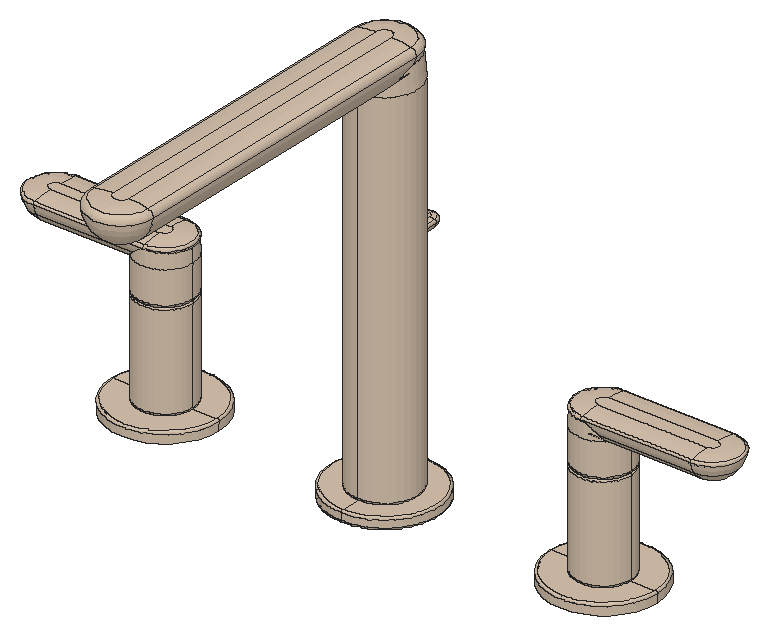
Revit family "Faucet-Deck_Mount-Bath-KALLISTA-002-P34120", category Plumbing Fixtures, host Face, Revit 2021
Family settings
  Host = Face
  Round Connector Dimension = Use Diameter
  Part Type = Normal
  OmniClass Number = 23.31.11.00
  OmniClass Title = Faucets
  Cut with Voids When Loaded = No
  Shared = No
  Room Calculation Point = No
Parameters (values of type "BAF-Brushed French Gold")
  Width [instance] = Faucet Hole Spacing  # 8"
  WaterSense Certified = 1 = 0  # no
  Waste Water Outlet = "Waste Water Outlet"  # constant formula
  Waste Connection = 1 = 0  # no
  Vent Connection = 1 = 0  # no
  URL = "https://www.kallista.com/"
  Type = 1
  Spout Reach = 5.35039"  # constant formula
  Product Page URL = ""
  Product Name = "002"  # constant formula
  Product Documentation Link = ""
  Pressure = 0.00 psi
  Model = if(Type = 1, "P34120-LV-BAF", if(Type = 2, "P34120-LV-BL", if(Type = 3, "P34120-LV-BN", if(Type = 4, "P34120-LV-CP", if(Type = 5, "P34120-LV-SN", "NA")))))  # "P34120-LV-BAF"
  Material = "Premium Metal Construction"  # constant formula
  Master Format 2014 Name = "Residential Faucets, Supplies, and Trim"  # constant formula
  Master Format 2014 = "22 41 39"  # constant formula
  Manufacturer Address = "444 Highland Dr, Kohler, WI 53044"  # constant formula
  Manufacturer = "Kallista Co."  # constant formula
  Length = Spout Reach  # 5.35039"
  Hot Water Inlet = "Hot Water Inlet"  # constant formula
  Height = 7.54528"  # constant formula
  Handle Clearance = 2.50394"  # constant formula
  HW Connection = 1 = 1  # yes
  Flow Rate = 1.2 GPM  # constant formula
  Finish = Kallista-Metal-BAF-Brushed_French_Gold
  Faucet Hole Spacing [instance] = 8"  # constant formula
  Environmental Product Declaration = ""
  Drain Included = 1 = 1  # yes
  Description = "Capsule Widespread Sink Faucet Tall"  # constant formula
  Default Elevation = 36"
  Declare Label = ""
  Date Modified = "11/29/2023"  # constant formula
  Date Created = "11/29/2023"  # constant formula
  Copyright = "Copyright Kallista Co."  # constant formula
  Contact Us = "https://www.kallista.com/corporate/contact-us/"
  Cold Water Inlet = "Cold Water Inlet"  # constant formula
  CW Connection = 1 = 1  # yes
  Assembly Code = "D2010"
  ADA Compliant = 1 = 0  # no
Types (6): name | Type | Model | Finish
  (no name) | 1 | "P34120-LV-BAF" | Kallista-Metal-BAF-Brushed_French_Gold
  BAF-Brushed French Gold | 1 | "P34120-LV-BAF" | Kallista-Metal-BAF-Brushed_French_Gold
  BN-Brushed Nickel | 3 | "P34120-LV-BN" | Kallista-Metal-BN-Brushed_Nickel
  BL-Matte Black | 2 | "P34120-LV-BL" | Kalista-Metal-BL-Matte_Black
  SN-Polished Nickel | 5 | "P34120-LV-SN" | Kallista-Metal-SN-Polished_Nickel
  CP-Chrome | 4 | "P34120-LV-CP" | Kallista-Metal-CP-Chrome
Reference planes (in)
  plane 1 "Center (Front/Back)": y = 0
  plane 2: z = 0
  plane 3 "Center (Left/Right)": x = 0
  plane 4: x = -4
  plane 5: x = 4
  plane 6: y = 0.98425
  plane 7: y = -0.98425
  plane 8: x = -6.50394
  plane 9: x = -3.01575
  plane 10: y = 0.50394
  plane 11: y = -0.50394
  plane 12: x = -0.98425
  plane 13: x = 0.98425
  plane 14: x = 0.60039
  plane 15: x = -0.60039
  plane 16: y = -6.59843
  plane 17: y = 1.13723
  plane 18: y = 0.60202
  plane 19: x = 3.01575
  plane 20: x = 6.50394
  plane 21: x = 4.98425
  plane 22: x = -4.98425
  plane 23: x = 4.50984
  plane 24: x = 3.49016
  plane 25: z = 2.94882
  plane 26: z = 2.43701
  plane 27: x = -3.49016
  plane 28: x = -4.50984
  plane 29: y = -5.35039
  plane 30: y = -0.60228
  plane 31: z = 4.17707
  plane 32: z = 7.54528
  plane 33: z = 6.87214
Dimensions and locks (in)
  "Width": plane 4 to plane 5
  equal spacing: plane 5, plane 3 "Center (Left/Right)", plane 4
  locked: plane 23 to plane 5 at 0.50984
  locked: plane 24 to plane 5 at 0.50984
  locked: plane 21 to plane 5 at 0.98425
  locked: plane 19 to plane 5 at 0.98425
  locked: plane 4 to plane 9 at 0.98425
  locked: plane 4 to plane 22 at 0.98425
  locked: plane 4 to plane 27 at 0.50984
  locked: plane 4 to plane 28 at 0.50984
  "Length": plane 1 "Center (Front/Back)" to plane 29
  "Handle Clearance": plane 8 to plane 4
  "Handle Clearance": plane 20 to plane 5
  plane 19 to plane 21 = 1.9685"
  plane 9 to plane 22 = 1.9685"
  plane 10 to plane 11 = 1.00787"
  plane 17 to plane 16 = 7.73566"
  plane 25 to plane 2 = 2.94882"
  plane 25 to plane 26 = 0.51181"
  plane 15 to plane 14 = 1.20079"
  plane 11 to plane 10 = 1.00787"  (x2)
  plane 27 to plane 28 = 1.01969"
  plane 24 to plane 23 = 1.01969"
  plane 31 to plane 2 = 4.17707"
  "Height": plane 32 to level
  level to plane 33 = 6.87214"
  aligned and locked: plane 2 to host face
  aligned and locked: level to host face
  aligned and locked: plane 3 "Center (Left/Right)" to nested 1
  aligned and locked: plane 1 "Center (Front/Back)" to nested 1
  aligned and locked: nested 2 to plane 4
  aligned and locked: plane 1 "Center (Front/Back)" to nested 2
  aligned and locked: plane 5 to nested 3
  aligned and locked: nested 3 to plane 1 "Center (Front/Back)"
  aligned and locked: plane 25 to nested 2
  aligned and locked: plane 8 to nested 2
  aligned and locked: plane 27 to nested 2
  aligned and locked: plane 28 to nested 2
  aligned and locked: plane 26 to nested 2
  aligned and locked: plane 9 to nested 2
  aligned and locked: plane 22 to nested 2
  aligned and locked: plane 20 to nested 3
  aligned and locked: plane 25 to nested 3
  aligned and locked: nested 3 to plane 19
  aligned and locked: plane 24 to nested 3
  aligned and locked: plane 23 to nested 3
  aligned and locked: plane 21 to nested 3
  aligned and locked: plane 13 to nested 1
  aligned and locked: plane 12 to nested 1
  aligned and locked: plane 29 to nested 1
  aligned and locked: plane 17 to nested 1
  aligned and locked: plane 6 to nested 2
  aligned and locked: plane 7 to nested 2
  aligned and locked: plane 11 to nested 2
  aligned and locked: plane 10 to nested 2
  aligned and locked: plane 18 to nested 1
  aligned and locked: plane 30 to nested 1
  aligned and locked: plane 32 to nested 1
  aligned and locked: plane 31 to nested 1
Automatic sketch dimensions
  host sketch curve to host sketch curve = 96"  (x2)
Nested families (in)
  nested 1: "P34120_Faucet" at (0, 0, -0.00012), type "P34120_Faucet"
  nested 2: "P34120_Handle" at (-4, 0, 0), type "P34120_Handle"
  nested 3: "P34120_Handle" at (4, 0, 0) x (-1, 0, 0) z (0, 0, 1), type "P34120_Handle"
Connectors (in)
  piping at (-4, 0, 0), diameter 0.5, driven by "Flow Rate", driven by "HW Connection", driven by "Hot Water Inlet"
    settings: on nested 2, index 1, connector inside diameter 24", connector length 0", flow factor 0, pipe flow 1.2 GPM, pressure drop 0.00 psi, fitting loss kfactor 0, connector angle 0.00°, fixture units 0, engagement length 0", angle of deflection 0.00°, flow configuration 1, flow direction 1, fitting loss method 0, system type 19, joint type 0, gender type 0, connector reference index -1, connector utility 1, adjustable connector no, is connector primary yes, connector description "Hot Water Inlet"
  piping at (4, 0, 0), diameter 0.5, driven by "Flow Rate", driven by "CW Connection", driven by "Cold Water Inlet"
    settings: on nested 3, index 2, connector inside diameter 24", connector length 0", flow factor 0, pipe flow 1.2 GPM, pressure drop 0.00 psi, fitting loss kfactor 0, connector angle 0.00°, fixture units 0, engagement length 0", angle of deflection 0.00°, flow configuration 1, flow direction 1, fitting loss method 0, system type 20, joint type 0, gender type 0, connector reference index -1, connector utility 1, adjustable connector no, is connector primary no, connector description "Cold Water Inlet"
Definition of nested family "P34120_Faucet"
  Parameters
    Material = none
    Default Elevation = 0"
  Reference planes (in)
    plane 1 "Center (Front/Back)": y = 0
    plane 2: z = 0
    plane 3 "Center (Left/Right)": x = 0
    plane 4: x = -0.60039
    plane 5: x = 0.60039
    plane 6: x = -0.98425
    plane 7: x = 0.98425
    plane 8: y = -6.59843
    plane 9: y = -5.35039
    plane 10: z = 6.87225
    plane 11: z = 7.54539
    plane 12: y = 1.13723
    plane 13: y = 0.60202
    plane 14: y = 0.60202
    plane 15: y = -0.60228
    plane 16: z = 4.17718
    plane 17: z = 0
  Forms (in)
    Revolve 1, solid, material <- "Material", detail levels medium+fine
      sketch origin (0, 0, 0) x (0, 1, 0) y (0, 0, 1)
        loop
          line (0.00224, 0.00027) -> (0.00224, 7.32078) -> (-0.56316, 7.32078)
          arc (-0.56316, 7.32078) -> (-0.58928, 7.083) -> (-0.598, 6.84395) r 3.28046
          line (-0.598, 6.84395) -> (-0.598, 0.21036)
          arc (-0.598, 0.21036) -> (-0.59173, 0.19522) -> (-0.57659, 0.18895) r 0.02141
          line (-0.57659, 0.18895) -> (-0.94418, 0.18898)
          arc (-0.94418, 0.18898) -> (-0.96955, 0.17847) -> (-0.98006, 0.1531) r 0.03588
          line (-0.98006, 0.1531) -> (-0.98006, 0.01996)
          arc (-0.98006, 0.01996) -> (-0.9743, 0.00604) -> (-0.96038, 0.00027) r 0.01969
          line (-0.96038, 0.00027) -> (0.00224, 0.00027)
        axis (0.00224, 0.00027) -> (0.00224, 7.32078)
      angle from 0 to 360
    Sweep 2, solid, material <- "Material", detail levels medium+fine
      path origin (0, 0, 2.99582) x (1, 0, 0) y (0, 1, 0)
        loop
          line (-0.60024, 0.00203) -> (-0.60024, -6.00096)
          arc (-0.60024, -6.00096) -> (0, -6.6012) -> (0.60024, -6.00096) r 0.60024
          line (0.60024, -6.00096) -> (0.60024, 0.00203)
          arc (0.60024, 0.00203) -> (0, 0.60227) -> (-0.60024, 0.00203) r 0.60024
      profile origin (-0.60024, -2.99946, 2.99582) x (1, 0, 0) y (0, 0, 1)
        loop
          arc (0.46416, 4.54078) -> (0.28796, 4.53071) -> (0.11406, 4.5006) r 1.5454
          arc (0.11406, 4.5006) -> (0.04325, 4.45334) -> (0.02119, 4.37111) r 0.12082
          arc (0.02119, 4.37111) -> (0.15203, 4.05253) -> (0.43672, 3.85871) r 0.5988
          arc (0.43672, 3.85871) -> (0.46399, 3.85233) -> (0.49193, 3.85019) r 0.18325
          line (0.49193, 3.85019) -> (0.53955, 3.85019) -> (0.53955, 4.54078) -> (0.46416, 4.54078)
    Extrusion 3, solid, material <- "Material", detail levels medium+fine
      sketch origin (0, 0, 0) x (1, 0, 0) y (0, 1, 0)
        loop
          line (-0.06069, 0.00203) -> (-0.06069, -6.00096)
          arc (-0.06069, -6.00096) -> (0, -6.06165) -> (0.06069, -6.00096) r 0.06069
          line (0.06069, -6.00096) -> (0.06069, 0.00203)
          arc (0.06069, 0.00203) -> (0, 0.06272) -> (-0.06069, 0.00203) r 0.06069
      from 6.84601 to 7.5366
    Extrusion 4, void
      sketch origin (0, 0, 2.99377) x (1, 0, 0) y (0, 0, 1)
        loop
          arc (0.23157, 2.50894) -> (0.00051, 2.74) -> (-0.23055, 2.50894) r 0.23106
          line (-0.23055, 2.50894) -> (-0.23055, 1.16838)
          arc (-0.23055, 1.16838) -> (0.00051, 0.93732) -> (0.23157, 1.16838) r 0.23106
          line (0.23157, 1.16838) -> (0.23157, 2.50894)
      from -0.9819 to -0.09864
    Sweep 5, solid, material <- "Material", detail levels medium+fine
      path origin (0, 0.00379, 2.95973) x (1, 0, 0) y (0, 1, 0)
        loop
          arc (0.21025, 0.92497) -> (-0.00147, 1.1367) -> (-0.2132, 0.92497) r 0.21172
          line (-0.2132, 0.92497) -> (-0.2132, 0.33446)
          arc (-0.2132, 0.33446) -> (-0.00147, 0.12273) -> (0.21025, 0.33446) r 0.21172
          line (0.21025, 0.33446) -> (0.21025, 0.92497)
      profile origin (-0.00147, 1.14049, 2.95973) x (0, 1, 0) y (0, 0, 1)
        loop
          line (-0.14995, 1.03553) -> (-0.11057, 1.03553)
          arc (-0.11057, 1.03553) -> (-0.09536, 1.03807) -> (-0.08179, 1.04539) r 0.04694
          arc (-0.08179, 1.04539) -> (-0.03771, 1.09181) -> (-0.00947, 1.14925) r 0.21231
          arc (-0.00947, 1.14925) -> (-0.01259, 1.18434) -> (-0.03969, 1.20684) r 0.04583
          arc (-0.03969, 1.20684) -> (-0.07789, 1.21555) -> (-0.11696, 1.21847) r 0.26259
          line (-0.11696, 1.21847) -> (-0.14995, 1.21847) -> (-0.14995, 1.03553)
    Extrusion 6, solid, material <- "Material", detail levels medium+fine
      sketch origin (0, -0.05773, 0) x (1, 0, 0) y (0, 1, 0)
        loop
          arc (0.0603, 0.98649) -> (-0.00147, 1.04826) -> (-0.06324, 0.98649) r 0.06177
          line (-0.06324, 0.98649) -> (-0.06324, 0.39513)
          arc (-0.06324, 0.39513) -> (-0.00147, 0.33336) -> (0.0603, 0.39513) r 0.06177
          line (0.0603, 0.39513) -> (0.0603, 0.98649)
      from 3.99526 to 4.17819
    Extrusion 7, void
      sketch origin (0, 0, 0) x (1, 0, 0) y (0, 1, 0)
        loop
          arc (0.27848, -4.9152) -> (0.22083, -4.77601) -> (0.08163, -4.71835) r 0.19685
          line (0.08163, -4.71835) -> (-0.08407, -4.71835)
          arc (-0.08407, -4.71835) -> (-0.22326, -4.77601) -> (-0.28092, -4.9152) r 0.19685
          line (-0.28092, -4.9152) -> (-0.28092, -5.78125)
          arc (-0.28092, -5.78125) -> (-0.22326, -5.92044) -> (-0.08407, -5.9781) r 0.19685
          line (-0.08407, -5.9781) -> (0.08163, -5.9781)
          arc (0.08163, -5.9781) -> (0.22083, -5.92044) -> (0.27848, -5.78125) r 0.19685
          line (0.27848, -5.78125) -> (0.27848, -4.9152)
      from 6.32613 to 7.18576
    Extrusion 8, solid, detail levels medium+fine
      sketch origin (0, 0, 0) x (1, 0, 0) y (0, 1, 0)
        loop
          line (-0.2674, -4.89845) -> (-0.2674, -5.79909)
          arc (-0.2674, -5.79909) -> (-0.2223, -5.90796) -> (-0.11343, -5.95306) r 0.15397
          line (-0.11343, -5.95306) -> (0.11435, -5.95306)
          arc (0.11435, -5.95306) -> (0.22255, -5.90824) -> (0.26737, -5.80004) r 0.15302
          line (0.26737, -5.80004) -> (0.26737, -4.89883)
          arc (0.26737, -4.89883) -> (0.22154, -4.78819) -> (0.1109, -4.74237) r 0.15647
          line (0.1109, -4.74237) -> (-0.11132, -4.74237)
          arc (-0.11132, -4.74237) -> (-0.22168, -4.78808) -> (-0.2674, -4.89845) r 0.15608
      from 6.75297 to 7.18576
    Extrusion 9, void
      sketch origin (0, 0, 2.99109) x (0, 1, 0) y (0, 0, 1)
        loop
          line (-4.91435, 3.91353) -> (-5.7901, 3.91353)
          arc (-5.7901, 3.91353) -> (-5.88598, 3.89722) -> (-5.97108, 3.85014) r 0.29005
          line (-5.97108, 3.85014) -> (-5.97108, 3.65337) -> (-4.72516, 3.65337) -> (-4.72516, 3.85022)
          arc (-4.72516, 3.85022) -> (-4.8146, 3.89728) -> (-4.91435, 3.91353) r 0.31434
      from -0.53735 to 0.77841
    Extrusion 10, void
      sketch origin (0, 0, 0) x (1, 0, 0) y (0, 1, 0)
        loop
          line (-0.16109, -4.99775) -> (-0.16109, -5.69779)
          arc (-0.16109, -5.69779) -> (-0.00072, -5.85817) -> (0.15965, -5.69779) r 0.16037
          line (0.15965, -5.69779) -> (0.15965, -4.99775)
          arc (0.15965, -4.99775) -> (-0.00072, -4.83738) -> (-0.16109, -4.99775) r 0.16037
        loop
          line (-0.14109, -4.99126) -> (-0.14109, -5.70268)
          arc (-0.14109, -5.70268) -> (-0.00134, -5.84242) -> (0.13841, -5.70268) r 0.13975
          line (0.13841, -5.70268) -> (0.13841, -4.99126)
          arc (0.13841, -4.99126) -> (-0.00134, -4.85151) -> (-0.14109, -4.99126) r 0.13975
      from 6.84601 to 7.18576
    Extrusion 11, void
      sketch origin (0, 0, 0) x (1, 0, 0) y (0, 1, 0)
        loop
          line (-0.09506, -4.95414) -> (-0.09506, -5.00169) -> (-0.0562, -5.00169) -> (-0.0562, -4.95414) -> (-0.09506, -4.95414)
        loop
          line (-0.09506, -5.01713) -> (-0.09506, -5.06468) -> (-0.0562, -5.06468) -> (-0.0562, -5.01713) -> (-0.09506, -5.01713)
        loop
          line (-0.09506, -5.08051) -> (-0.09506, -5.12807) -> (-0.0562, -5.12807) -> (-0.0562, -5.08051) -> (-0.09506, -5.08051)
        loop
          line (-0.09506, -5.1439) -> (-0.09506, -5.19146) -> (-0.0562, -5.19146) -> (-0.0562, -5.1439) -> (-0.09506, -5.1439)
        loop
          line (-0.09506, -5.20729) -> (-0.09506, -5.25484) -> (-0.0562, -5.25484) -> (-0.0562, -5.20729) -> (-0.09506, -5.20729)
        loop
          line (-0.09506, -5.27067) -> (-0.09506, -5.31823) -> (-0.0562, -5.31823) -> (-0.0562, -5.27067) -> (-0.09506, -5.27067)
        loop
          line (-0.09506, -5.33406) -> (-0.09506, -5.38161) -> (-0.0562, -5.38161) -> (-0.0562, -5.33406) -> (-0.09506, -5.33406)
        loop
          line (-0.09506, -5.39744) -> (-0.09506, -5.445) -> (-0.0562, -5.445) -> (-0.0562, -5.39744) -> (-0.09506, -5.39744)
        loop
          line (-0.09506, -5.46083) -> (-0.09506, -5.50839) -> (-0.0562, -5.50839) -> (-0.0562, -5.46083) -> (-0.09506, -5.46083)
        loop
          line (-0.09506, -5.52421) -> (-0.09506, -5.57177) -> (-0.0562, -5.57177) -> (-0.0562, -5.52421) -> (-0.09506, -5.52421)
        loop
          line (-0.09506, -5.5876) -> (-0.09506, -5.63516) -> (-0.0562, -5.63516) -> (-0.0562, -5.5876) -> (-0.09506, -5.5876)
        loop
          line (-0.09506, -5.65099) -> (-0.09506, -5.69854) -> (-0.0562, -5.69854) -> (-0.0562, -5.65099) -> (-0.09506, -5.65099)
        loop
          line (-0.09506, -5.71437) -> (-0.09506, -5.76193) -> (-0.0562, -5.76193) -> (-0.0562, -5.71437) -> (-0.09506, -5.71437)
        loop
          line (-0.00173, -4.95414) -> (-0.04058, -4.95414) -> (-0.04058, -5.00169) -> (-0.00173, -5.00169) -> (-0.00173, -4.95414)
        loop
          line (-0.00173, -5.01713) -> (-0.04058, -5.01713) -> (-0.04058, -5.06468) -> (-0.00173, -5.06468) -> (-0.00173, -5.01713)
        loop
          line (-0.00173, -5.08051) -> (-0.04058, -5.08051) -> (-0.04058, -5.12807) -> (-0.00173, -5.12807) -> (-0.00173, -5.08051)
        loop
          line (-0.00173, -5.1439) -> (-0.04058, -5.1439) -> (-0.04058, -5.19146) -> (-0.00173, -5.19146) -> (-0.00173, -5.1439)
        loop
          line (-0.00173, -5.20729) -> (-0.04058, -5.20729) -> (-0.04058, -5.25484) -> (-0.00173, -5.25484) -> (-0.00173, -5.20729)
        loop
          line (-0.00173, -5.27067) -> (-0.04058, -5.27067) -> (-0.04058, -5.31823) -> (-0.00173, -5.31823) -> (-0.00173, -5.27067)
        loop
          line (-0.00173, -5.33406) -> (-0.04058, -5.33406) -> (-0.04058, -5.38161) -> (-0.00173, -5.38161) -> (-0.00173, -5.33406)
        loop
          line (-0.00173, -5.39744) -> (-0.04058, -5.39744) -> (-0.04058, -5.445) -> (-0.00173, -5.445) -> (-0.00173, -5.39744)
        loop
          line (-0.00173, -5.46083) -> (-0.04058, -5.46083) -> (-0.04058, -5.50839) -> (-0.00173, -5.50839) -> (-0.00173, -5.46083)
        loop
          line (-0.00173, -5.52421) -> (-0.04058, -5.52421) -> (-0.04058, -5.57177) -> (-0.00173, -5.57177) -> (-0.00173, -5.52421)
        loop
          line (-0.00173, -5.5876) -> (-0.04058, -5.5876) -> (-0.04058, -5.63516) -> (-0.00173, -5.63516) -> (-0.00173, -5.5876)
        loop
          line (-0.00173, -5.65099) -> (-0.04058, -5.65099) -> (-0.04058, -5.69854) -> (-0.00173, -5.69854) -> (-0.00173, -5.65099)
        loop
          line (-0.00173, -5.71437) -> (-0.04058, -5.71437) -> (-0.04058, -5.76193) -> (-0.00173, -5.76193) -> (-0.00173, -5.71437)
        loop
          line (0.01449, -4.95414) -> (0.01449, -5.00169) -> (0.05335, -5.00169) -> (0.05335, -4.95414) -> (0.01449, -4.95414)
        loop
          line (0.01449, -5.01713) -> (0.01449, -5.06468) -> (0.05335, -5.06468) -> (0.05335, -5.01713) -> (0.01449, -5.01713)
        loop
          line (0.01449, -5.08051) -> (0.01449, -5.12807) -> (0.05335, -5.12807) -> (0.05335, -5.08051) -> (0.01449, -5.08051)
        loop
          line (0.01449, -5.1439) -> (0.01449, -5.19146) -> (0.05335, -5.19146) -> (0.05335, -5.1439) -> (0.01449, -5.1439)
        loop
          line (0.01449, -5.20729) -> (0.01449, -5.25484) -> (0.05335, -5.25484) -> (0.05335, -5.20729) -> (0.01449, -5.20729)
        loop
          line (0.01449, -5.27067) -> (0.01449, -5.31823) -> (0.05335, -5.31823) -> (0.05335, -5.27067) -> (0.01449, -5.27067)
        loop
          line (0.01449, -5.33406) -> (0.01449, -5.38161) -> (0.05335, -5.38161) -> (0.05335, -5.33406) -> (0.01449, -5.33406)
        loop
          line (0.01449, -5.39744) -> (0.01449, -5.445) -> (0.05335, -5.445) -> (0.05335, -5.39744) -> (0.01449, -5.39744)
        loop
          line (0.01449, -5.46083) -> (0.01449, -5.50839) -> (0.05335, -5.50839) -> (0.05335, -5.46083) -> (0.01449, -5.46083)
        loop
          line (0.01449, -5.52421) -> (0.01449, -5.57177) -> (0.05335, -5.57177) -> (0.05335, -5.52421) -> (0.01449, -5.52421)
        loop
          line (0.01449, -5.5876) -> (0.01449, -5.63516) -> (0.05335, -5.63516) -> (0.05335, -5.5876) -> (0.01449, -5.5876)
        loop
          line (0.01449, -5.65099) -> (0.01449, -5.69854) -> (0.05335, -5.69854) -> (0.05335, -5.65099) -> (0.01449, -5.65099)
        loop
          line (0.01449, -5.71437) -> (0.01449, -5.76193) -> (0.05335, -5.76193) -> (0.05335, -5.71437) -> (0.01449, -5.71437)
      from 6.64446 to 7.18576
    Extrusion 12, solid, material <- "Material", detail levels coarse
      sketch origin (0, 0, 0) x (1, 0, 0) y (0, 1, 0)
        loop
          line (-0.60024, 0.00203) -> (-0.60024, -6.00096)
          arc (-0.60024, -6.00096) -> (0, -6.6012) -> (0.60024, -6.00096) r 0.60024
          line (0.60024, -6.00096) -> (0.60024, 0.00203)
          arc (0.60024, 0.00203) -> (0, 0.60227) -> (-0.60024, 0.00203) r 0.60024
      from 6.86411 to 7.54053
    Revolve 13, solid, material <- "Material", detail levels coarse
      sketch origin (0, 0, 0) x (0, 1, 0) y (0, 0, 1)
        loop
          line (0.00224, 0.00027) -> (0.00224, 7.32078) -> (-0.56316, 7.32078)
          arc (-0.56316, 7.32078) -> (-0.58928, 7.083) -> (-0.598, 6.84395) r 3.28046
          line (-0.598, 6.84395) -> (-0.598, 0.21036)
          arc (-0.598, 0.21036) -> (-0.59173, 0.19522) -> (-0.57659, 0.18895) r 0.02141
          line (-0.57659, 0.18895) -> (-0.94418, 0.18898)
          arc (-0.94418, 0.18898) -> (-0.96955, 0.17847) -> (-0.98006, 0.1531) r 0.03588
          line (-0.98006, 0.1531) -> (-0.98006, 0.01996)
          arc (-0.98006, 0.01996) -> (-0.9743, 0.00604) -> (-0.96038, 0.00027) r 0.01969
          line (-0.96038, 0.00027) -> (0.00224, 0.00027)
        axis (0.00224, 0.00027) -> (0.00224, 7.32078)
      angle from 0 to 360
    Extrusion 14, solid, material <- "Material", detail levels coarse
      sketch origin (0, -0.05773, 0) x (1, 0, 0) y (0, 1, 0)
        loop
          arc (0.21257, 0.97792) -> (0.00084, 1.18964) -> (-0.21088, 0.97792) r 0.21172
          line (-0.21088, 0.97792) -> (-0.21088, 0.40372)
          arc (-0.21088, 0.40372) -> (0.00084, 0.19199) -> (0.21257, 0.40372) r 0.21172
          line (0.21257, 0.40372) -> (0.21257, 0.97792)
      from 3.94444 to 4.18323
  Cuts and joins
    Extrusion 7 cuts Sweep 2
    Extrusion 7 cuts Extrusion 3
    joined: Sweep 2, Extrusion 3
    Extrusion 9, Extrusion 10, Extrusion 11 cuts Extrusion 8
    Extrusion 4 cuts Revolve 1
    Extrusion 4 cuts Revolve 13
    joined: Sweep 5, Extrusion 6
  Lines and regions (in)
    Masking region 1
      outline origin (0, 0, 0) x (1, 0, 0) y (0, 1, 0)
        loop
          arc (-0.20799, 0.96448) -> (-0.66035, 0.73616) -> (-0.93917, 0.31307) r 0.98425
          arc (-0.93917, 0.31307) -> (-0.97292, 0.16611) -> (-0.98425, 0.01575) r 1.00306
          line (-0.98425, 0.01575) -> (-0.98425, -0.01575)
          arc (-0.98425, -0.01575) -> (-0.97536, -0.14901) -> (-0.94885, -0.27991) r 1.00336
          arc (-0.94885, -0.27991) -> (-0.81471, -0.5592) -> (-0.60039, -0.78295) r 0.98425
          line (-0.60039, -0.78295) -> (-0.60039, -6.00787)
          arc (-0.60039, -6.00787) -> (-0.4677, -6.38085) -> (-0.12926, -6.58622) r 0.59055
          arc (-0.12926, -6.58622) -> (-0.0767, -6.59467) -> (-0.0236, -6.59843) r 0.6006
          line (-0.0236, -6.59843) -> (0.02758, -6.59843)
          arc (0.02758, -6.59843) -> (0.07773, -6.59458) -> (0.12739, -6.58661) r 0.60954
          arc (0.12739, -6.58661) -> (0.4671, -6.38159) -> (0.60039, -6.00787) r 0.59055
          line (0.60039, -6.00787) -> (0.60039, -0.78295)
          arc (0.60039, -0.78295) -> (0.81471, -0.5592) -> (0.94885, -0.27991) r 0.98425
          arc (0.94885, -0.27991) -> (0.97536, -0.14901) -> (0.98425, -0.01575) r 1.00336
          line (0.98425, -0.01575) -> (0.98425, 0.01575)
          arc (0.98425, 0.01575) -> (0.97292, 0.16611) -> (0.93917, 0.31307) r 1.00306
          arc (0.93917, 0.31307) -> (0.66095, 0.73562) -> (0.20958, 0.96415) r 0.98425
          arc (0.20958, 0.96415) -> (0.1736, 1.05015) -> (0.10422, 1.11241) r 0.21204
          arc (0.10422, 1.11241) -> (0.06145, 1.13007) -> (0.01575, 1.13723) r 0.19638
          line (0.01575, 1.13723) -> (-0.01575, 1.13723)
          arc (-0.01575, 1.13723) -> (-0.0489, 1.13308) -> (-0.08077, 1.12306) r 0.18582
          arc (-0.08077, 1.12306) -> (-0.16463, 1.06001) -> (-0.20799, 0.96448) r 0.21204
    Masking region 2
      outline origin (0, 0, 0) x (0, 1, 0) y (0, 0, 1)
        loop
          line (0, 7.54539) -> (-6.03751, 7.54539)
          arc (-6.03751, 7.54539) -> (-6.30515, 7.52864) -> (-6.56862, 7.47863) r 2.14605
          arc (-6.56862, 7.47863) -> (-6.5901, 7.46455) -> (-6.59843, 7.44026) r 0.03961
          line (-6.59843, 7.44026) -> (-6.59843, 7.40934)
          arc (-6.59843, 7.40934) -> (-6.43141, 7.00613) -> (-6.0282, 6.83912) r 0.57022
          arc (-6.0282, 6.83912) -> (-6.00959, 6.84667) -> (-5.98993, 6.85082) r 0.11327
          arc (-5.98993, 6.85082) -> (-5.97418, 6.86477) -> (-5.95662, 6.87636) r 0.14845
          line (-5.95662, 6.87636) -> (-5.93156, 6.8513) -> (-5.85694, 6.8513)
          arc (-5.85694, 6.8513) -> (-5.80578, 6.86236) -> (-5.75439, 6.87225) r 2.31133
          line (-5.75439, 6.87225) -> (-4.93191, 6.87225)
          arc (-4.93191, 6.87225) -> (-4.88052, 6.86236) -> (-4.82936, 6.8513) r 2.31133
          line (-4.82936, 6.8513) -> (-4.76922, 6.8513) -> (-4.74417, 6.87636)
          arc (-4.74417, 6.87636) -> (-4.72661, 6.86477) -> (-4.71085, 6.85082) r 0.14845
          arc (-4.71085, 6.85082) -> (-4.6912, 6.84667) -> (-4.67258, 6.83912) r 0.11327
          line (-4.67258, 6.83912) -> (-1.29437, 6.83912)
          arc (-1.29437, 6.83912) -> (-0.80499, 6.63641) -> (-0.60228, 6.14703) r 0.69209
          line (-0.60228, 6.14703) -> (-0.60228, 0.21127)
          arc (-0.60228, 0.21127) -> (-0.59684, 0.19626) -> (-0.58304, 0.18822) r 0.02343
          line (-0.58304, 0.18822) -> (-0.94744, 0.18822)
          arc (-0.94744, 0.18822) -> (-0.97385, 0.17728) -> (-0.98479, 0.15087) r 0.03735
          line (-0.98479, 0.15087) -> (-0.98479, 0.02852)
          arc (-0.98479, 0.02852) -> (-0.97644, 0.00835) -> (-0.95627, 0) r 0.02852
          line (-0.95627, 0) -> (0.95627, 0)
          arc (0.95627, 0) -> (0.97644, 0.00835) -> (0.98479, 0.02852) r 0.02852
          line (0.98479, 0.02852) -> (0.98479, 0.14885)
          arc (0.98479, 0.14885) -> (0.97326, 0.17669) -> (0.94542, 0.18822) r 0.03937
          line (0.94542, 0.18822) -> (0.58278, 0.18822)
          arc (0.58278, 0.18822) -> (0.59658, 0.19626) -> (0.60202, 0.21127) r 0.02343
          line (0.60202, 0.21127) -> (0.60202, 3.84001)
          arc (0.60202, 3.84001) -> (0.59982, 3.85982) -> (0.59334, 3.87867) r 0.09043
          arc (0.59334, 3.87867) -> (0.57677, 3.91597) -> (0.56201, 3.95401) r 0.85595
          line (0.56201, 3.95401) -> (0.88292, 3.95401) -> (0.92456, 3.95401)
          arc (0.92456, 3.95401) -> (1.05399, 3.99451) -> (1.13723, 4.10158) r 0.22703
          line (1.13723, 4.10158) -> (1.13723, 4.13308)
          arc (1.13723, 4.13308) -> (1.13223, 4.14735) -> (1.1194, 4.15536) r 0.02283
          arc (1.1194, 4.15536) -> (1.02158, 4.17171) -> (0.92255, 4.17718) r 0.89871
          line (0.92255, 4.17718) -> (0.53311, 4.17718) -> (0.53311, 5.44596)
          arc (0.53311, 5.44596) -> (0.54077, 5.53928) -> (0.56356, 5.63011) r 0.57191
          arc (0.56356, 5.63011) -> (0.57701, 5.6663) -> (0.59244, 5.7017) r 0.69537
          arc (0.59244, 5.7017) -> (0.5996, 5.72266) -> (0.60202, 5.74467) r 0.10113
          line (0.60202, 5.74467) -> (0.60202, 7.4387)
          arc (0.60202, 7.4387) -> (0.59301, 7.46458) -> (0.56988, 7.47928) r 0.04169
          arc (0.56988, 7.47928) -> (0.28685, 7.52881) -> (0, 7.54539) r 2.48926
    Masking region 3
      outline origin (0, 0, 0) x (1, 0, 0) y (0, 0, 1)
        loop
          arc (-0.60039, 0.21267) -> (-0.59336, 0.19569) -> (-0.57637, 0.18865) r 0.02402
          line (-0.57637, 0.18865) -> (-0.94661, 0.18865)
          arc (-0.94661, 0.18865) -> (-0.97323, 0.17763) -> (-0.98425, 0.15101) r 0.03764
          line (-0.98425, 0.15101) -> (-0.98425, 0.02501)
          arc (-0.98425, 0.02501) -> (-0.97693, 0.00733) -> (-0.95924, 0) r 0.02501
          line (-0.95924, 0) -> (0.95924, 0)
          arc (0.95924, 0) -> (0.97693, 0.00733) -> (0.98425, 0.02501) r 0.02501
          line (0.98425, 0.02501) -> (0.98425, 0.15101)
          arc (0.98425, 0.15101) -> (0.97323, 0.17763) -> (0.94661, 0.18865) r 0.03764
          line (0.94661, 0.18865) -> (0.57637, 0.18865)
          arc (0.57637, 0.18865) -> (0.59336, 0.19569) -> (0.60039, 0.21267) r 0.02402
          line (0.60039, 0.21267) -> (0.60039, 7.38342)
          arc (0.60039, 7.38342) -> (0.58115, 7.42873) -> (0.54538, 7.46257) r 0.12049
          arc (0.54538, 7.46257) -> (0.48983, 7.49053) -> (0.43033, 7.50864) r 0.36421
          arc (0.43033, 7.50864) -> (0.25689, 7.53618) -> (0.08151, 7.54539) r 1.67374
          line (0.08151, 7.54539) -> (-0.08151, 7.54539)
          arc (-0.08151, 7.54539) -> (-0.25689, 7.53618) -> (-0.43033, 7.50864) r 1.67374
          arc (-0.43033, 7.50864) -> (-0.48983, 7.49053) -> (-0.54538, 7.46257) r 0.36421
          arc (-0.54538, 7.46257) -> (-0.58115, 7.42873) -> (-0.60039, 7.38342) r 0.12049
          line (-0.60039, 7.38342) -> (-0.60039, 0.21267)
    symbolic lines, detail levels medium+fine
      curve 1: line (-0.60039, -0.78295, 0) -> (-0.60039, 0.00163, 0)
      curve 2: line (0.60039, -0.78295, 0) -> (0.60039, 0.00163, 0)
      curve 3: arc (-0.60039, 0.00163, 0) -> (0, 0.60202, 0) -> (0.60039, 0.00163, 0) r 0.60039
      curve 4: line (-0.2103, 0.94763, 0) -> (-0.2103, 0.56399, 0)
      curve 5: arc (-0.20799, 0.96448, 0) -> (-0.20931, 0.95608, 0) -> (-0.2103, 0.94763, 0) r 0.21204
      curve 6: line (0.21188, 0.9473, 0) -> (0.21188, 0.56339, 0)
      curve 7: arc (0.20958, 0.96415, 0) -> (0.2109, 0.95575, 0) -> (0.21188, 0.9473, 0) r 0.21204
      curve 8: arc (0.60039, -0.73003, 0) -> (0.92008, 0.21649, 0) -> (0.21188, 0.92115, 0) r 0.94521
      curve 9: arc (-0.2103, 0.92152, 0) -> (-0.91989, 0.21728, 0) -> (-0.60039, -0.73003, 0) r 0.94521
      curve 10: line (-0.57021, -0.0005, 0) -> (-0.57021, -5.9963, 0)
      curve 11: line (0.57021, -0.0005, 0) -> (0.57021, -5.9963, 0)
      curve 12: arc (0.57021, -0.0005, 0) -> (0, 0.56971, 0) -> (-0.57021, -0.0005, 0) r 0.57021
      curve 13: arc (-0.57021, -5.9963, 0) -> (0, -6.56651, 0) -> (0.57021, -5.9963, 0) r 0.57021
      curve 14: line (-0.19557, 0.92375, 0) -> (-0.19557, 0.56928, 0)
      curve 15: line (0.19608, 0.92375, 0) -> (0.19608, 0.5691, 0)
      curve 16: arc (0.19608, 0.92375, 0) -> (0.00026, 1.11957, 0) -> (-0.19557, 0.92375, 0) r 0.19583
      curve 17: line (-0.57021, 0, 0) -> (0.57021, 0, 0)
      curve 18: line (-0.2103, 0.92375, 0) -> (0.21188, 0.92375, 0)
      curve 19: line (-0.60039, -6.00787, 0) -> (0.60039, -6.00787, 0)
      curve 20: line (-0.57637, 0, 0.18865) -> (0.57637, 0, 0.18865)
      curve 21: line (-0.60039, 0, 0.21452) -> (0.60039, 0, 0.21452)
      curve 22: line (0.98425, 0, 0.15136) -> (-0.98425, 0, 0.15136)
      curve 23: line (-0.98425, 0, 0.02494) -> (0.98425, 0, 0.02494)
      curve 24: line (0, -0.60228, 0.21127) -> (0, 0.60202, 0.21127)
      curve 25: line (0, 0.98479, 0.15126) -> (0, -0.98479, 0.15126)
      curve 26: line (0, 0, 6.15607) -> (0, 0, 0.21127)
      curve 27: line (0, 0.58278, 0.18822) -> (0, -0.58304, 0.18822)
      curve 28: line (0, 0.56988, 7.47928) -> (0, -6.56862, 7.47863)
      curve 29: line (0, -6.59843, 7.44026) -> (0, 0.60202, 7.4387)
      curve 30: arc (0, -4.91252, 6.92079) -> (0, -5.35753, 6.93602) -> (0, -5.80255, 6.92079) r 6.50957
      curve 31: arc (0, -4.74417, 6.87636) -> (0, -4.82623, 6.90658) -> (0, -4.91252, 6.92079) r 0.46188
      curve 32: arc (0, -5.80255, 6.92079) -> (0, -5.88195, 6.90678) -> (0, -5.95662, 6.87636) r 0.38045
      curve 33: arc (0, 0, 6.15607) -> (0, -0.37579, 7.06331) -> (0, -1.28304, 7.43911) r 1.28304
      curve 34: line (0, -0.60228, 6.14703) -> (0, 0, 6.14703)
      curve 35: line (0, -5.98993, 6.85082) -> (0, -5.98993, 7.54539)
      curve 36: line (0, -1.28304, 7.43911) -> (0, -1.28304, 6.83903)
      curve 37: arc (0, 0.56201, 3.95401) -> (0, 0.54063, 4.0647) -> (0, 0.53311, 4.17718) r 0.90956
      curve 38: line (0, 1.1194, 4.15536) -> (0, 0.53347, 4.15536)
      curve 39: line (0, 1.13723, 4.13308) -> (0, 0.53439, 4.13308)
      curve 40: line (0, 0.92255, 4.17718) -> (0, 0.92255, 3.95401)
      curve 41: line (-0.60039, 0, 0.21452) -> (-0.60039, 0, 7.38342)
      curve 42: line (-0.57637, 0, 0.18865) -> (-0.94661, 0, 0.18865)
      curve 43: line (-0.98425, 0, 0.02494) -> (-0.98425, 0, 0.15136)
      curve 44: arc (-0.94661, 0, 0.18865) -> (-0.97323, 0, 0.17763) -> (-0.98425, 0, 0.15101) r 0.03764
      curve 45: arc (-0.95924, 0, 0) -> (-0.97693, 0, 0.00733) -> (-0.98425, 0, 0.02501) r 0.02501
      curve 46: arc (-0.57637, 0, 0.18865) -> (-0.59336, 0, 0.19569) -> (-0.60039, 0, 0.21267) r 0.02402
      curve 47: line (-0.08151, 0, 7.54539) -> (0.01575, 0, 7.54539)
      curve 48: arc (-0.43033, 0, 7.50864) -> (-0.25689, 0, 7.53618) -> (-0.08151, 0, 7.54539) r 1.67374
      curve 49: arc (-0.54538, 0, 7.46257) -> (-0.48983, 0, 7.49053) -> (-0.43033, 0, 7.50864) r 0.36421
      curve 50: arc (-0.60039, 0, 7.38342) -> (-0.58115, 0, 7.42873) -> (-0.54538, 0, 7.46257) r 0.12049
      curve 51: line (0.60039, 0, 0.21452) -> (0.60039, 0, 7.38342)
      curve 52: line (0.57637, 0, 0.18865) -> (0.94661, 0, 0.18865)
      curve 53: line (0.98425, 0, 0.02494) -> (0.98425, 0, 0.15136)
      curve 54: arc (0.94661, 0, 0.18865) -> (0.97323, 0, 0.17763) -> (0.98425, 0, 0.15101) r 0.03764
      curve 55: arc (0.95924, 0, 0) -> (0.97693, 0, 0.00733) -> (0.98425, 0, 0.02501) r 0.02501
      curve 56: arc (0.57637, 0, 0.18865) -> (0.59336, 0, 0.19569) -> (0.60039, 0, 0.21267) r 0.02402
      curve 57: arc (0.43033, 0, 7.50864) -> (0.25689, 0, 7.53618) -> (0.08151, 0, 7.54539) r 1.67374
      curve 58: arc (0.54538, 0, 7.46257) -> (0.48983, 0, 7.49053) -> (0.43033, 0, 7.50864) r 0.36421
      curve 59: arc (0.60039, 0, 7.38342) -> (0.58115, 0, 7.42873) -> (0.54538, 0, 7.46257) r 0.12049
      curve 60: line (-0.54538, 0, 7.46257) -> (0.54538, 0, 7.46257)
      curve 61: line (-0.10831, 0, 6.84601) -> (0.10831, 0, 6.84601)
      curve 62: arc (0.10831, 0, 6.84601) -> (0.25565, 0, 6.87868) -> (0.37536, 0, 6.97056) r 0.34856
      curve 63: arc (0.37536, 0, 6.97056) -> (0.50848, 0, 7.16576) -> (0.60039, 0, 7.38342) r 1.1896
      curve 64: arc (-0.3936, 0, 6.98386) -> (-0.26673, 0, 6.88228) -> (-0.10831, 0, 6.84601) r 0.36412
      curve 65: arc (-0.60039, 0, 7.38342) -> (-0.51633, 0, 7.17363) -> (-0.3936, 0, 6.98386) r 1.17325
  Dimensions and locks (in)
    plane 4 to plane 5 = 1.20079"
    plane 6 to plane 7 = 1.9685"
    plane 10 to level = 6.87225"
    plane 1 "Center (Front/Back)" to plane 8 = 6.59843"
    plane 1 "Center (Front/Back)" to plane 9 = 5.35039"
    plane 11 to level = 7.54539"
    plane 12 to plane 8 = 7.73566"
    aligned and locked: plane 2 to level
    aligned and locked: plane 12 to Masking region 1 sketch curve
    aligned and locked: plane 8 to Masking region 1 sketch curve
    aligned and locked: Masking region 1 sketch curve to plane 4
    aligned and locked: plane 5 to Masking region 1 sketch curve
    aligned and locked: Masking region 1 sketch curve to plane 6
    aligned and locked: Masking region 2 sketch curve to plane 14  (x2)
    aligned and locked: plane 15 to Masking region 2 sketch curve
    aligned and locked: plane 10 to Masking region 2
Definition of nested family "P34120_Handle"
  Parameters
    Material = none
    Default Elevation = 0"
  Reference planes (in)
    plane 1 "Center (Front/Back)": y = 0
    plane 2: z = 0
    plane 3 "Center (Left/Right)": x = 0
    plane 4: x = -2.50394
    plane 5: y = 0.98425
    plane 6: y = -0.98425
    plane 7: x = -0.98425
    plane 8: x = 0.98425
    plane 9: y = -0.50394
    plane 10: y = 0.50394
    plane 11: z = 2.94882
    plane 12: z = 2.43701
    plane 13: x = -0.50984
    plane 14: x = 0.50984
  Forms (in)
    Revolve 1, solid, material <- "Material", detail levels medium+fine
      sketch origin (0, 0, 0) x (1, 0, 0) y (0, 0, 1)
        loop
          line (0, 0) -> (0, 2.04507) -> (-0.43834, 2.04507) -> (-0.43834, 1.95841)
          arc (-0.43834, 1.95841) -> (-0.4443, 1.94402) -> (-0.45869, 1.93806) r 0.02035
          line (-0.45869, 1.93806) -> (-0.48988, 1.93806)
          arc (-0.48988, 1.93806) -> (-0.504, 1.93222) -> (-0.50984, 1.9181) r 0.01996
          line (-0.50984, 1.9181) -> (-0.50984, 0.21319)
          arc (-0.50984, 0.21319) -> (-0.50548, 0.19856) -> (-0.49383, 0.18871) r 0.02671
          line (-0.49383, 0.18871) -> (-0.94377, 0.18871)
          arc (-0.94377, 0.18871) -> (-0.9724, 0.17686) -> (-0.98425, 0.14824) r 0.04048
          line (-0.98425, 0.14824) -> (-0.98425, 0) -> (0, 0)
        axis (0, 2.04507) -> (0, 0)
      angle from 0 to 360
    Sweep 2, solid, material <- "Material", detail levels medium+fine
      path origin (0, 0, 0) x (1, 0, 0) y (0, 1, 0)
        loop
          arc (-1.99905, 0.50394) -> (-2.50299, 0) -> (-1.99905, -0.50394) r 0.50394
          line (-1.99905, -0.50394) -> (0.00365, -0.50394)
          arc (0.00365, -0.50394) -> (0.50759, 0) -> (0.00365, 0.50394) r 0.50394
          line (0.00365, 0.50394) -> (-1.99905, 0.50394)
      profile origin (-0.9977, 0.50394, 0) x (0, 1, 0) y (0, 0, 1)
        loop
          arc (-0.07473, 2.6702) -> (-0.02779, 2.76265) -> (-0.0007, 2.86272) r 0.50531
          arc (-0.0007, 2.86272) -> (-0.00724, 2.89209) -> (-0.03223, 2.90885) r 0.04051
          arc (-0.03223, 2.90885) -> (-0.20937, 2.93702) -> (-0.38848, 2.94645) r 1.70688
          line (-0.38848, 2.94645) -> (-0.46934, 2.94645) -> (-0.46934, 2.46934) -> (-0.38697, 2.46934)
          arc (-0.38697, 2.46934) -> (-0.30868, 2.48021) -> (-0.2363, 2.51198) r 0.28749
          arc (-0.2363, 2.51198) -> (-0.14665, 2.58204) -> (-0.07473, 2.6702) r 0.51061
    Extrusion 3, solid, material <- "Material", detail levels medium+fine
      sketch origin (0, 0, 0) x (1, 0, 0) y (0, 1, 0)
        loop
          arc (-1.99905, 0.03459) -> (-2.03364, 0) -> (-1.99905, -0.03459) r 0.03459
          line (-1.99905, -0.03459) -> (0.00365, -0.03459)
          arc (0.00365, -0.03459) -> (0.03824, 0) -> (0.00365, 0.03459) r 0.03459
          line (0.00365, 0.03459) -> (-1.99905, 0.03459)
      from 2.46934 to 2.94645
    Revolve 4, solid, material <- "Material", detail levels medium+fine
      sketch origin (0, 0, 0) x (1, 0, 0) y (0, 0, 1)
        loop
          line (0.50967, 1.98772) -> (0.50967, 2.57827)
          arc (0.50967, 2.57827) -> (0.50746, 2.72168) -> (0.50083, 2.86495) r 4.65156
          line (0.50083, 2.86495) -> (0, 2.86495) -> (0, 1.9631) -> (0.48504, 1.9631)
          arc (0.48504, 1.9631) -> (0.50246, 1.97031) -> (0.50967, 1.98772) r 0.02462
        axis (0, 1.9631) -> (0, 2.86495)
      angle from 0 to 360
    Extrusion 5, solid, material <- "Material"
      sketch origin (0, 0, 0) x (1, 0, 0) y (0, 1, 0)
        loop
          circle (0, 0) r 0.07874
      from 0 to 0.03646
    Extrusion 6, solid, material <- "Material", detail levels coarse
      sketch origin (0, 0, 0) x (1, 0, 0) y (0, 1, 0)
        loop
          arc (-1.99905, 0.50394) -> (-2.50299, 0) -> (-1.99905, -0.50394) r 0.50394
          line (-1.99905, -0.50394) -> (0.00365, -0.50394)
          arc (0.00365, -0.50394) -> (0.50759, 0) -> (0.00365, 0.50394) r 0.50394
          line (0.00365, 0.50394) -> (-1.99905, 0.50394)
      from 2.46977 to 2.94614
    Revolve 7, solid, material <- "Material", detail levels coarse
      sketch origin (0, 0, 0) x (1, 0, 0) y (0, 0, 1)
        loop
          line (0, 0) -> (0, 2.74142) -> (-0.41703, 2.74142)
          arc (-0.41703, 2.74142) -> (-0.48616, 2.5894) -> (-0.50984, 2.42409) r 0.5889
          line (-0.50984, 2.42409) -> (-0.50984, 1.96335) -> (-0.43834, 1.96335) -> (-0.39272, 1.93806) -> (-0.50984, 1.93806) -> (-0.50984, 0.18871) -> (-0.98425, 0.18871) -> (-0.98425, 0) -> (0, 0)
        axis (0, 2.74142) -> (0, 0)
      angle from 0 to 360
  Cuts and joins
    joined: Sweep 2, Extrusion 3
  Lines and regions (in)
    Masking region 1
      outline origin (0, 0, 0) x (1, 0, 0) y (0, 1, 0)
        loop
          arc (-0.20057, 0.9636) -> (-0.57128, 0.80149) -> (-0.84546, 0.50394) r 0.98425
          line (-0.84546, 0.50394) -> (-2.0018, 0.50394)
          arc (-2.0018, 0.50394) -> (-2.3336, 0.3793) -> (-2.50126, 0.06703) r 0.50394
          arc (-2.50126, 0.06703) -> (-2.50327, 0.04142) -> (-2.50394, 0.01575) r 0.49282
          line (-2.50394, 0.01575) -> (-2.50394, -0.01514)
          arc (-2.50394, -0.01514) -> (-2.50083, -0.06734) -> (-2.49154, -0.1188) r 0.43945
          arc (-2.49154, -0.1188) -> (-2.31332, -0.39612) -> (-2.0018, -0.50394) r 0.50394
          line (-2.0018, -0.50394) -> (-0.84546, -0.50394)
          arc (-0.84546, -0.50394) -> (-0.54291, -0.82098) -> (-0.13273, -0.97526) r 0.98425
          arc (-0.13273, -0.97526) -> (-0.07742, -0.982) -> (-0.02175, -0.98425) r 0.68944
          line (-0.02175, -0.98425) -> (0.01276, -0.98425)
          arc (0.01276, -0.98425) -> (0.11651, -0.97807) -> (0.21879, -0.95963) r 0.87416
          arc (0.21879, -0.95963) -> (0.72669, -0.66384) -> (0.97545, -0.13133) r 0.98425
          arc (0.97545, -0.13133) -> (0.98205, -0.0655) -> (0.98425, 0.00062) r 0.99358
          line (0.98425, 0.00062) -> (0.98425, 0.03212)
          arc (0.98425, 0.03212) -> (0.97886, 0.119) -> (0.96276, 0.20454) r 0.70251
          arc (0.96276, 0.20454) -> (0.72417, 0.66658) -> (0.28343, 0.94256) r 0.98425
          arc (0.28343, 0.94256) -> (0.15284, 0.97376) -> (0.01899, 0.98425) r 0.8595
          line (0.01899, 0.98425) -> (-0.01251, 0.98425)
          arc (-0.01251, 0.98425) -> (-0.1071, 0.97907) -> (-0.20057, 0.9636) r 0.86656
    Masking region 2
      outline origin (0, 0, 0) x (1, 0, 0) y (0, 0, 1)
        loop
          line (-1.99936, 2.43701) -> (-0.84884, 2.43701)
          arc (-0.84884, 2.43701) -> (-0.60913, 2.33772) -> (-0.50984, 2.09801) r 0.33899
          line (-0.50984, 2.09801) -> (-0.50984, 1.98284)
          arc (-0.50984, 1.98284) -> (-0.50403, 1.96881) -> (-0.49, 1.963) r 0.01984
          line (-0.49, 1.963) -> (-0.45798, 1.963) -> (-0.43984, 1.93798) -> (-0.49004, 1.93798)
          arc (-0.49004, 1.93798) -> (-0.50404, 1.93218) -> (-0.50984, 1.91818) r 0.01981
          line (-0.50984, 1.91818) -> (-0.50984, 0.22503)
          arc (-0.50984, 0.22503) -> (-0.50778, 0.20606) -> (-0.50167, 0.18798) r 0.08812
          line (-0.50167, 0.18798) -> (-0.94743, 0.18798)
          arc (-0.94743, 0.18798) -> (-0.97347, 0.17719) -> (-0.98425, 0.15115) r 0.03682
          line (-0.98425, 0.15115) -> (-0.98425, 0.022)
          arc (-0.98425, 0.022) -> (-0.97781, 0.00644) -> (-0.96225, 0) r 0.022
          line (-0.96225, 0) -> (0.96225, 0)
          arc (0.96225, 0) -> (0.97781, 0.00644) -> (0.98425, 0.022) r 0.022
          line (0.98425, 0.022) -> (0.98425, 0.15115)
          arc (0.98425, 0.15115) -> (0.97347, 0.17719) -> (0.94743, 0.18798) r 0.03682
          line (0.94743, 0.18798) -> (0.50167, 0.18798)
          arc (0.50167, 0.18798) -> (0.50778, 0.20606) -> (0.50984, 0.22503) r 0.08812
          line (0.50984, 0.22503) -> (0.50984, 1.91818)
          arc (0.50984, 1.91818) -> (0.50404, 1.93218) -> (0.49004, 1.93798) r 0.01981
          line (0.49004, 1.93798) -> (0.43984, 1.93798) -> (0.45798, 1.963) -> (0.49, 1.963)
          arc (0.49, 1.963) -> (0.50403, 1.96881) -> (0.50984, 1.98284) r 0.01984
          line (0.50984, 1.98284) -> (0.50984, 2.86882)
          arc (0.50984, 2.86882) -> (0.50036, 2.89476) -> (0.47637, 2.90848) r 0.04024
          arc (0.47637, 2.90848) -> (0.23904, 2.93872) -> (0, 2.94882) r 2.8329
          line (0, 2.94882) -> (-2.03053, 2.94882)
          arc (-2.03053, 2.94882) -> (-2.25129, 2.93947) -> (-2.47046, 2.91151) r 2.61228
          arc (-2.47046, 2.91151) -> (-2.49445, 2.89779) -> (-2.50394, 2.87183) r 0.04025
          line (-2.50394, 2.87183) -> (-2.50394, 2.84033)
          arc (-2.50394, 2.84033) -> (-2.32234, 2.55023) -> (-1.99936, 2.43701) r 0.51728
    Masking region 3
      outline origin (0, 0, 0) x (0, 1, 0) y (0, 0, 1)
        loop
          line (0.50394, 0.21258) -> (0.50394, 1.91764)
          arc (0.50394, 1.91764) -> (0.49803, 1.93189) -> (0.48378, 1.93779) r 0.02016
          line (0.48378, 1.93779) -> (0.43053, 1.93779) -> (0.4517, 1.96302) -> (0.48413, 1.96302)
          arc (0.48413, 1.96302) -> (0.49814, 1.96882) -> (0.50394, 1.98282) r 0.01981
          line (0.50394, 1.98282) -> (0.50394, 2.878)
          arc (0.50394, 2.878) -> (0.49674, 2.89768) -> (0.47855, 2.90808) r 0.03051
          arc (0.47855, 2.90808) -> (0.00033, 2.94882) -> (-0.47798, 2.90919) r 2.86598
          arc (-0.47798, 2.90919) -> (-0.49658, 2.8986) -> (-0.50394, 2.87851) r 0.03111
          line (-0.50394, 2.87851) -> (-0.50394, 1.98282)
          arc (-0.50394, 1.98282) -> (-0.49814, 1.96882) -> (-0.48413, 1.96302) r 0.01981
          line (-0.48413, 1.96302) -> (-0.4517, 1.96302) -> (-0.43053, 1.93779) -> (-0.48378, 1.93779)
          arc (-0.48378, 1.93779) -> (-0.49803, 1.93189) -> (-0.50394, 1.91764) r 0.02016
          line (-0.50394, 1.91764) -> (-0.50394, 0.21258)
          arc (-0.50394, 0.21258) -> (-0.49756, 0.1962) -> (-0.48178, 0.18844) r 0.02424
          line (-0.48178, 0.18844) -> (-0.93992, 0.18844)
          arc (-0.93992, 0.18844) -> (-0.97127, 0.17546) -> (-0.98425, 0.14411) r 0.04433
          line (-0.98425, 0.14411) -> (-0.98425, 0.0214)
          arc (-0.98425, 0.0214) -> (-0.97798, 0.00627) -> (-0.96285, 0) r 0.0214
          line (-0.96285, 0) -> (0.96285, 0)
          arc (0.96285, 0) -> (0.97798, 0.00627) -> (0.98425, 0.0214) r 0.0214
          line (0.98425, 0.0214) -> (0.98425, 0.14411)
          arc (0.98425, 0.14411) -> (0.97127, 0.17546) -> (0.93992, 0.18844) r 0.04433
          line (0.93992, 0.18844) -> (0.48178, 0.18844)
          arc (0.48178, 0.18844) -> (0.49756, 0.1962) -> (0.50394, 0.21258) r 0.02424
    symbolic lines, detail levels medium+fine
      curve 1: line (-0.50167, 0, 0.18798) -> (0.50167, 0, 0.18798)
      curve 2: line (0.98425, 0, 0.15115) -> (-0.98425, 0, 0.15115)
      curve 3: line (-0.98425, 0, 0.022) -> (0.98425, 0, 0.022)
      curve 4: line (-0.50984, 0, 0.22503) -> (0.50984, 0, 0.22503)
      curve 5: line (-0.45798, 0, 1.963) -> (0.45798, 0, 1.963)
      curve 6: line (-0.43984, 0, 1.93798) -> (0.43984, 0, 1.93798)
      curve 7: line (0.50984, 0, 1.91818) -> (-0.50984, 0, 1.91818)
      curve 8: line (-0.50984, 0, 1.98284) -> (0.50984, 0, 1.98284)
      curve 9: line (-2.47046, 0, 2.91151) -> (0.47637, 0, 2.90848)
      curve 10: line (0.50984, 0, 2.86882) -> (-2.50394, 0, 2.86882)
      curve 11: arc (-0.55123, 0, 2.86882) -> (-0.18183, 0, 2.64631) -> (0, 0, 2.25529) r 0.73748
      curve 12: line (0, 0, 2.86882) -> (0, 0, 1.98284)
      curve 13: line (-1.99936, 0, 2.43701) -> (-1.99936, 0, 2.94882)
      curve 14: line (-1.01511, 0, 2.43701) -> (-1.01511, 0, 2.86882)
      curve 15: arc (0, 0.3464, 2.56967) -> (0, -0.00162, 2.43466) -> (0, -0.34965, 2.56967) r 0.51607
      curve 16: arc (0, 0.50394, 2.8629) -> (0, 0.45016, 2.70286) -> (0, 0.3464, 2.56967) r 0.50237
      curve 17: line (0, 0.47855, 2.90808) -> (0, -0.48249, 2.90808)
      curve 18: line (0, 0.50394, 2.8629) -> (0, -0.50394, 2.8629)
      curve 19: arc (0, -0.34965, 2.56967) -> (0, -0.45244, 2.7028) -> (0, -0.50394, 2.8629) r 0.48809
      curve 20: line (0, 0.4517, 1.96302) -> (0, -0.4517, 1.96302)
      curve 21: line (0, -0.43053, 1.93779) -> (0, 0.43053, 1.93779)
      curve 22: line (0, 0.50394, 1.98282) -> (0, -0.50394, 1.98282)
      curve 23: line (0, -0.50394, 1.91764) -> (0, 0.50394, 1.91764)
      curve 24: line (0, 0.48178, 0.18844) -> (0, -0.48178, 0.18844)
      curve 25: line (0, -0.50394, 0.21258) -> (0, 0.50394, 0.21258)
      curve 26: line (0, 0.98425, 0.14411) -> (0, -0.98425, 0.14411)
      curve 27: line (0, -0.98425, 0.0214) -> (0, 0.98425, 0.0214)
      curve 28: line (-0.91659, 0.50394, 0) -> (0, 0.50394, 0)
      curve 29: line (-0.98425, -0.50394, 0) -> (0, -0.50394, 0)
      curve 30: arc (0, 0.50389, 0) -> (0.51076, 0, 0) -> (0, -0.50389, 0) r 0.50394
      curve 31: line (-1.99514, 0.47273, 0) -> (0.00564, 0.47273, 0)
      curve 32: line (-1.99514, -0.47252, 0) -> (0.00564, -0.47252, 0)
      curve 33: arc (-1.99514, -0.47252, 0) -> (-2.46777, 0.0001, 0) -> (-1.99514, 0.47273, 0) r 0.47262
      curve 34: arc (0.00564, 0.47273, 0) -> (0.47826, 0.0001, 0) -> (0.00564, -0.47252, 0) r 0.47262
      curve 35: arc (-0.79452, -0.50394, 0) -> (0.94086, 0, 0) -> (-0.79452, 0.50394, 0) r 0.94086
      curve 36: line (-2.0018, 0.50394, 0) -> (-2.0018, -0.50394, 0)
      curve 37: line (0, -0.50394, 0) -> (0, 0.50394, 0)
  Dimensions and locks (in)
    plane 9 to plane 10 = 1.00787"
    plane 7 to plane 8 = 1.9685"
    plane 4 to plane 3 "Center (Left/Right)" = 2.50394"
    plane 11 to level = 2.94882"
    plane 11 to plane 12 = 0.51181"
    plane 14 to plane 4 = 3.01378"
    plane 12 to level = 2.43701"
    aligned and locked: plane 2 to level
    aligned and locked: plane 4 to Masking region 1 sketch curve
    aligned and locked: Masking region 1 sketch curve to plane 10
    aligned and locked: plane 9 to Masking region 1 sketch curve
    aligned and locked: plane 6 to Masking region 1 sketch curve
    aligned and locked: plane 8 to Masking region 2 sketch curve
    aligned and locked: plane 14 to Masking region 2 sketch curve
    aligned and locked: Masking region 2 sketch curve to plane 13
    aligned and locked: Masking region 2 sketch curve to plane 14
    aligned and locked: curve 12 to plane 3 "Center (Left/Right)"
    aligned and locked: Masking region 3 sketch curve to plane 5
    aligned and locked: plane 6 to Masking region 3 sketch curve
